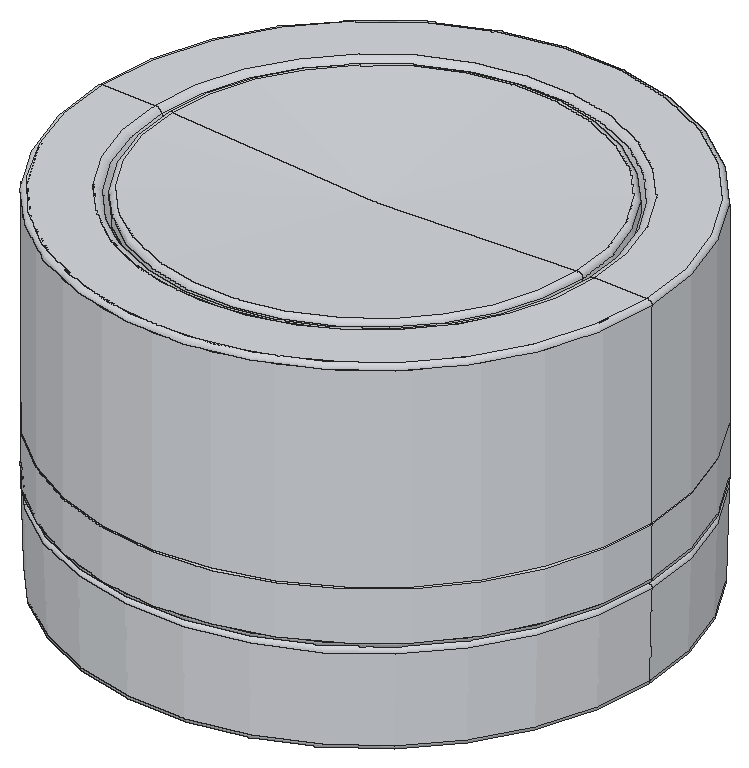
Revit family "Shower-Digital_Interface-KOHLER-DTV_Mode-K-29202", category Specialty Equipment, host Face, Revit 2017
Family settings
  Host = Face
  Round Connector Dimension = Use Diameter
  Part Type = Normal
  OmniClass Number = 23.31.25.00
  Cut with Voids When Loaded = No
  Shared = No
  Room Calculation Point = No
Parameters (values of type "Dual Outlet,CP-Polished Chrome")
  Width = 2 1/2"  # constant formula
  WaterSense Certified = 1 = 0  # no
  URL = "https://www.us.kohler.com/us/"
  Type = 1
  Product Page URL = "http://www.us.kohler.com/us/catalog/productDetails.jsp?productId=29202"
  Product Name = "DTV Mode"  # constant formula
  Product Documentation Link = "https://www.us.kohler.com/webassets/kpna/catalog/pdf/en/K-29202_spec_US-CA_Kohler_en.pdf"
  Model = if(Type = 1, "K-29202-CP", if(Type = 2, "K-29202-BL", if(Type = 3, "K-29202-E-CP", if(Type = 4, "K-29202-E-BL", "NA"))))  # "K-29202-CP"
  Material = "Premium Metal Construction"  # constant formula
  Master Format 2014 Name = "Toilet, Bath, and Laundry Accessories"  # constant formula
  Master Format 2014 = "10 28 00"  # constant formula
  Manufacturer Address = "444 Highland Dr, Kohler, WI 53044"  # constant formula
  Manufacturer = "KOHLER Co."  # constant formula
  Length = 1 9/16"  # constant formula
  Height = 2 1/2"  # constant formula
  Finish = Kohler-Metal-CP-Polished_Chrome
  Environmental Product Declaration = ""
  Description = if(Type = 1, " Dual-outlet shower digital interface ", if(Type = 2, " Dual-outlet shower digital interface ", if(Type = 3, " Dual-outlet shower digital interface with eco-mode diverter ", if(Type = 4, " Dual-outlet shower digital interface with eco-mode diverter ", "NA"))))  # " Dual-outlet shower digital interface "
  Default Elevation = 42"
  Declare Label = ""
  Date Modified = "07/02/2020"  # constant formula
  Date Created = "07/02/2020"  # constant formula
  Copyright = "Copyright KOHLER Co."  # constant formula
  Contact Us = "https://www.us.kohler.com/us/static/contact.jsp"
  Assembly Code = "C1030200"
  ADA Compliant = 1 = 0  # no
Types (5): name | Type | Product Page URL | Product Documentation Link | Model | Finish | Description
  (no name) | 1 | "http://www.us.kohler.com/us/catalog/productDetails.jsp?productId=29202" | "https://www.us.kohler.com/webassets/kpna/catalog/pdf/en/K-29202_spec_US-CA_Kohler_en.pdf" | "K-29202-CP" | Kohler-Metal-CP-Polished_Chrome | " Dual-outlet shower digital interface "
  Dual Outlet,CP-Polished Chrome | 1 | "http://www.us.kohler.com/us/catalog/productDetails.jsp?productId=29202" | "https://www.us.kohler.com/webassets/kpna/catalog/pdf/en/K-29202_spec_US-CA_Kohler_en.pdf" | "K-29202-CP" | Kohler-Metal-CP-Polished_Chrome | " Dual-outlet shower digital interface "
  Dual Outlet,BL-Matte Black | 2 | "http://www.us.kohler.com/us/catalog/productDetails.jsp?productId=29202" | "https://www.us.kohler.com/webassets/kpna/catalog/pdf/en/K-29202_spec_US-CA_Kohler_en.pdf" | "K-29202-BL" | Kohler-Metal-BL-Matte_Black | " Dual-outlet shower digital interface "
  Dual Outlet With Eco Mode Diverter,CP-Polished Chrome | 3 | "http://www.us.kohler.com/us/catalog/productDetails.jsp?productId=29202-E" | "https://www.us.kohler.com/webassets/kpna/catalog/pdf/en/K-29202-E_spec_US-CA_Kohler_en.pdf" | "K-29202-E-CP" | Kohler-Metal-CP-Polished_Chrome | " Dual-outlet shower digital interface with eco-mode diverter "
  Dual Outlet With Eco Mode Diverter,BL-Matte Black | 4 | "http://www.us.kohler.com/us/catalog/productDetails.jsp?productId=29202-E" | "https://www.us.kohler.com/webassets/kpna/catalog/pdf/en/K-29202-E_spec_US-CA_Kohler_en.pdf" | "K-29202-E-BL" | Kohler-Metal-BL-Matte_Black | " Dual-outlet shower digital interface with eco-mode diverter "
Reference planes (in)
  plane 1 "Center (Front/Back)": y = 0
  plane 2: z = 0
  plane 3 "Center (Left/Right)": x = 0
  plane 4: x = -0.96902
  plane 5: x = -1.25
  plane 6: x = 1.25
  plane 7: x = 0.96902
  plane 8: y = 0.96902
  plane 9: y = 1.25
  plane 10: y = -1.25
  plane 11: y = -0.96902
  plane 12: z = 1.5625
Dimensions and locks (in)
  "Width": plane 5 to plane 6
  "Height": plane 9 to plane 10
  "Length": level to plane 12
  aligned and locked: plane 2 to host face
  aligned and locked: level to host face
  aligned and locked: plane 3 "Center (Left/Right)" to nested 1
  aligned and locked: plane 1 "Center (Front/Back)" to nested 1
Automatic sketch dimensions
  host sketch curve to host sketch curve = 96"  (x2)
Nested families (in)
  nested 1: "K-29202" at (0, 0, 0), type "K-29202"
Definition of nested family "K-29202"
  Parameters (values of type "K-29202")
    Material = none
  Reference planes (in)
    plane 1 "Center (Front/Back)": y = 0
    plane 2: z = 0
    plane 3 "Center (Left/Right)": x = 0
    plane 4: x = -1.25
    plane 5: x = 1.25
    plane 6: y = 1.25
    plane 7: y = -1.25
    plane 8: z = 1.5625
    plane 9: y = 0.96902
    plane 10: y = -0.96902
    plane 11: x = 0.96902
    plane 12: x = -0.96902
  Forms (in)
    Revolve 1, solid, material <- "Material", detail levels medium+fine
      sketch origin (0, 0, 0) x (1, 0, 0) y (0, 0, 1)
        loop
          arc (0, 1.52219) -> (-0.45662, 1.53224) -> (-0.91235, 1.5624) r 10.37032
          arc (-0.91235, 1.5624) -> (-0.92893, 1.55694) -> (-0.93637, 1.54116) r 0.0221
          line (-0.93637, 1.54116) -> (-0.93777, 1.50132) -> (-0.95932, 1.54185)
          arc (-0.95932, 1.54185) -> (-0.97364, 1.55694) -> (-0.99369, 1.5625) r 0.03893
          line (-0.99369, 1.5625) -> (-1.22858, 1.5625)
          arc (-1.22858, 1.5625) -> (-1.24373, 1.55623) -> (-1.25, 1.54108) r 0.02142
          line (-1.25, 1.54108) -> (-1.25, 0.66495) -> (-1.17864, 0.66495) -> (-1.21805, 0.65637) -> (-1.25, 0.65637) -> (-1.25, 0.43868)
          arc (-1.25, 0.43868) -> (-1.24378, 0.42384) -> (-1.22885, 0.41785) r 0.02082
          arc (-1.22885, 0.41785) -> (-1.24386, 0.41129) -> (-1.24972, 0.39598) r 0.02122
          line (-1.24972, 0.39598) -> (-1.23811, 0.01991)
          arc (-1.23811, 0.01991) -> (-1.23188, 0.00579) -> (-1.21758, 0) r 0.02054
          line (-1.21758, 0) -> (0, 0) -> (0, 1.52219)
        axis (0, 0) -> (0, 1.5625)
      angle from 0 to 360
    Extrusion 2, solid, material <- "Material", detail levels coarse
      sketch origin (0, 0, 0) x (1, 0, 0) y (0, 1, 0)
        loop
          circle (0, 0) r 1.25
      from 0 to 1.5625
  Lines and regions (in)
    Masking region 1
      outline origin (0, 0, 0) x (1, 0, 0) y (0, 1, 0)
        loop
          arc (0, 1.25) -> (-0.88388, 0.88388) -> (-1.25, 0) r 1.25
          arc (-1.25, 0) -> (-0.88388, -0.88388) -> (0, -1.25) r 1.25
          arc (0, -1.25) -> (0.88388, -0.88388) -> (1.25, 0) r 1.25
          arc (1.25, 0) -> (0.88388, 0.88388) -> (0, 1.25) r 1.25
    Masking region 2
      outline origin (0, 0, 0) x (1, 0, 0) y (0, 0, 1)
        loop
          line (-1.21691, 0) -> (1.21691, 0)
          arc (1.21691, 0) -> (1.23168, 0.00598) -> (1.23814, 0.02055) r 0.02124
          line (1.23814, 0.02055) -> (1.25026, 0.3953)
          arc (1.25026, 0.3953) -> (1.24384, 0.41149) -> (1.22763, 0.41784) r 0.02184
          arc (1.22763, 0.41784) -> (1.2435, 0.42496) -> (1.25, 0.44108) r 0.02322
          line (1.25, 0.44108) -> (1.25, 0.65637) -> (1.21805, 0.65637) -> (1.17864, 0.66495) -> (1.25, 0.66495) -> (1.25, 1.54034)
          arc (1.25, 1.54034) -> (1.24351, 1.55601) -> (1.22784, 1.5625) r 0.02216
          line (1.22784, 1.5625) -> (-1.22784, 1.5625)
          arc (-1.22784, 1.5625) -> (-1.24351, 1.55601) -> (-1.25, 1.54034) r 0.02216
          line (-1.25, 1.54034) -> (-1.25, 0.66495) -> (-1.17864, 0.66495) -> (-1.21805, 0.65637) -> (-1.25, 0.65637) -> (-1.25, 0.44108)
          arc (-1.25, 0.44108) -> (-1.2435, 0.42496) -> (-1.22762, 0.41787) r 0.02322
          arc (-1.22762, 0.41787) -> (-1.24384, 0.41149) -> (-1.25026, 0.3953) r 0.02184
          line (-1.25026, 0.3953) -> (-1.23814, 0.02055)
          arc (-1.23814, 0.02055) -> (-1.23168, 0.00598) -> (-1.21691, 0) r 0.02124
    Masking region 3
      outline origin (0, 0, 0) x (0, 1, 0) y (0, 0, 1)
        loop
          arc (1.21705, 0) -> (1.23182, 0.00598) -> (1.23826, 0.02056) r 0.02122
          line (1.23826, 0.02056) -> (1.25, 0.39594)
          arc (1.25, 0.39594) -> (1.24388, 0.41153) -> (1.22836, 0.41786) r 0.02125
          arc (1.22836, 0.41786) -> (1.24369, 0.42446) -> (1.25, 0.4399) r 0.02205
          line (1.25, 0.4399) -> (1.25, 0.65637) -> (1.21852, 0.65637) -> (1.17816, 0.66495) -> (1.25, 0.66495) -> (1.25, 1.5398)
          arc (1.25, 1.5398) -> (1.24335, 1.55585) -> (1.2273, 1.5625) r 0.0227
          line (1.2273, 1.5625) -> (-1.2273, 1.5625)
          arc (-1.2273, 1.5625) -> (-1.24335, 1.55585) -> (-1.25, 1.5398) r 0.0227
          line (-1.25, 1.5398) -> (-1.25, 0.66495) -> (-1.17816, 0.66495) -> (-1.21852, 0.65637) -> (-1.25, 0.65637) -> (-1.25, 0.4399)
          arc (-1.25, 0.4399) -> (-1.24369, 0.42446) -> (-1.22836, 0.41785) r 0.02205
          arc (-1.22836, 0.41785) -> (-1.24388, 0.41153) -> (-1.25, 0.39594) r 0.02125
          line (-1.25, 0.39594) -> (-1.23826, 0.02056)
          arc (-1.23826, 0.02056) -> (-1.23182, 0.00598) -> (-1.21705, 0) r 0.02122
          line (-1.21705, 0) -> (1.21705, 0)
    symbolic lines, detail levels medium+fine
      curve 1: arc (0.93777, 0, 0) -> (0, 0.93777, 0) -> (-0.93777, 0, 0) r 0.93777
      curve 2: arc (-0.93777, 0, 0) -> (0, -0.93777, 0) -> (0.93777, 0, 0) r 0.93777
      curve 3: arc (0.96902, 0, 0) -> (0, 0.96902, 0) -> (-0.96902, 0, 0) r 0.96902
      curve 4: arc (-0.96902, 0, 0) -> (0, -0.96902, 0) -> (0.96902, 0, 0) r 0.96902
      curve 5: line (-1.22885, 0, 0.41785) -> (1.22678, 0, 0.41785)
      curve 6: line (1.17864, 0, 0.66495) -> (-1.17864, 0, 0.66495)
      curve 7: line (-1.21805, 0, 0.65637) -> (1.21805, 0, 0.65637)
      curve 8: line (0, 1.17816, 0.66495) -> (0, -1.17864, 0.66495)
      curve 9: line (0, -1.21852, 0.65637) -> (0, 1.21852, 0.65637)
      curve 10: line (0, 1.22836, 0.41786) -> (0, -1.22836, 0.41786)
  Dimensions and locks (in)
    plane 8 to level = 1 9/16"
    aligned and locked: plane 2 to level
